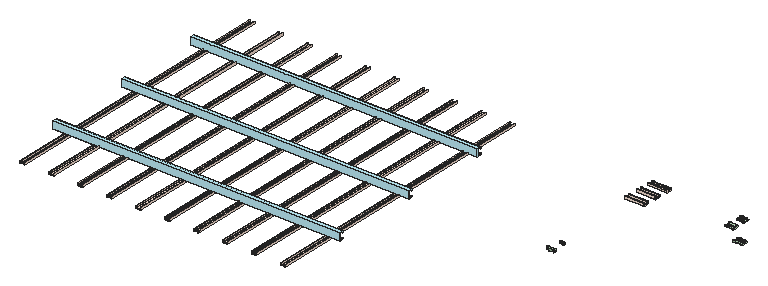
Revit family "soeru_c75", category 機械設備, Revit 2022
Family settings
  丸型コネクタ寸法 = 直径を使用
  種別 = なし
  パーツ タイプ = 標準
  作業面ベース = いいえ
  常に垂直 = はい
  ロード時にボイドで切り取り = いいえ
  注釈の向きを維持 = いいえ
  共有 = いいえ
  部屋計算ポイント = いいえ
Parameters
  製造元 = "株式会社桐井製作所"
  既定の高さ = 0 mm
  URL = "https://www.kirii.co.jp/"
  K_名称 = "ソエルWカバー（C75）"
  K_バージョン情報 = "20231221"
Reference planes
  plane 1 "中心(正面/背面)": y = 0
  plane 2: z = 0
  plane 3 "中心(左/右)": x = 0
  plane 4: z = 19
Lines and regions (mm)
  model lines
    curve 1: line (3467.807, 3284.555, 0) -> (5717.807, 3284.555, 0)
    curve 2: line (5717.807, 2254.555, 0) -> (3467.807, 2254.555, 0)
    curve 3: line (3467.807, 3284.555, 0) -> (3467.807, 2254.555, 0)
    curve 4: line (3467.807, 2054.555, 0) -> (5217.807, 2054.555, 0)
    curve 5: line (5217.807, 1024.555, 0) -> (3467.807, 1024.555, 0)
    curve 6: line (3467.807, 2054.555, 0) -> (3467.807, 1024.555, 0)
    curve 7: line (5217.807, 2054.555, 0) -> (5217.807, 1024.555, 0)
    curve 8: line (5717.807, 3284.555, 0) -> (5717.807, 2254.555, 0)
    curve 9: line (5417.807, 2054.555, 0) -> (7167.807, 2054.555, 0)
    curve 10: line (7167.807, 1024.555, 0) -> (5417.807, 1024.555, 0)
    curve 11: line (5417.807, 2054.555, 0) -> (5417.807, 1024.555, 0)
    curve 12: line (7167.807, 2054.555, 0) -> (7167.807, 1024.555, 0)
Text (mm)
  text "ソエルWカバー(支持構造部:C75×45×15×2.3）" at (-488.376, 3567.466, 0), in view "{3D}"
  text "野縁および使用するジョイント" at (3607.293, 3147.828, 0), in view "{3D}"
  text "クリップ補強" at (3607.293, 1917.828, 0), in view "{3D}"
  text "・特殊15ｍｍクリップ" at (3707.619, 1735.328, 0), in view "{3D}"
  text "※「KIRII軽量下地材構造検討書集（ソエルWカバー）」の計算結果を参照し、天井仕様に反映下さい。" at (-488.376, 3427.466, 0), in view "{3D}"
  text "・ソエルWカバー" at (3707.619, 1584.078, 0), in view "{3D}"
  text "セルフドリリングビス" at (5557.293, 1917.828, 0), in view "{3D}"
  text "・KIRII耐震ビス\n（4.2×16)" at (5657.619, 1735.328, 0), in view "{3D}"
  text "・KIRI耐震ビス\n（4.8×25)" at (5657.619, 1370.328, 0), in view "{3D}"
  text "隣り合うジョイント位置は1ｍ以上離して千鳥状に配置する。" at (3707.619, 2345.395, -6.85), in view "{3D}"
  text "・CW-25" at (3707.619, 2804.31, -6.85), in view "{3D}"
  text "・CW-19" at (3707.619, 2954.31, -6.85), in view "{3D}"
  text "・25型Wバー（0.8）" at (3707.619, 2653.06, -6.85), in view "{3D}"
  text "+CW-25用ジョイント" at (4627.619, 2804.31, -6.85), in view "{3D}"
  text "+CW-19用ジョイント" at (4627.619, 2954.31, -6.85), in view "{3D}"
  text "+25型Wバー（0.8）ジョイント" at (4627.619, 2653.06, -6.85), in view "{3D}"
  text "ジョイント等の施工規定については、施工要領書をご確認下さい。\n●URL：ソエルWカバー\nhttps://www.kirii.co.jp/download/dw/sekou/sekou_soeru.pdf" at (5856.265, -594.786, -2970.01), in view "{3D}"
Dimensions and locks
  aligned and locked: level to plane 2
Nested families
  nested 1: "ソエルWカバー" at (25, 2427.754, 1.25) x (-1, 0, 0) z (0, 0, 1), type "ソエルWカバー"
  nested 2: "ソエルWカバー" at (328, 2427.754, 1.25) x (-1, 0, 0) z (0, 0, 1), type "ソエルWカバー"
  nested 3: "ソエルWカバー" at (631, 2427.754, 1.25) x (-1, 0, 0) z (0, 0, 1), type "ソエルWカバー"
  nested 4: "ソエルWカバー" at (934, 2427.754, 1.25) x (-1, 0, 0) z (0, 0, 1), type "ソエルWカバー"
  nested 5: "ソエルWカバー" at (1237, 2427.754, 1.25) x (-1, 0, 0) z (0, 0, 1), type "ソエルWカバー"
  nested 6: "ソエルWカバー" at (1540, 2427.754, 1.25) x (-1, 0, 0) z (0, 0, 1), type "ソエルWカバー"
  nested 7: "ソエルWカバー" at (1843, 2427.754, 1.25) x (-1, 0, 0) z (0, 0, 1), type "ソエルWカバー"
  nested 8: "ソエルWカバー" at (2146, 2427.754, 1.25) x (-1, 0, 0) z (0, 0, 1), type "ソエルWカバー"
  nested 9: "ソエルWカバー" at (2449, 2427.754, 1.25) x (-1, 0, 0) z (0, 0, 1), type "ソエルWカバー"
  nested 10: "ソエルWカバー" at (2752, 2427.754, 1.25) x (-1, 0, 0) z (0, 0, 1), type "ソエルWカバー"
  nested 11: "ソエルWカバー" at (25, 1527.754, 1.25) x (-1, 0, 0) z (0, 0, 1), type "ソエルWカバー"
  nested 12: "ソエルWカバー" at (328, 1527.754, 1.25) x (-1, 0, 0) z (0, 0, 1), type "ソエルWカバー"
  nested 13: "ソエルWカバー" at (631, 1527.754, 1.25) x (-1, 0, 0) z (0, 0, 1), type "ソエルWカバー"
  nested 14: "ソエルWカバー" at (934, 1527.754, 1.25) x (-1, 0, 0) z (0, 0, 1), type "ソエルWカバー"
  nested 15: "ソエルWカバー" at (1237, 1527.754, 1.25) x (-1, 0, 0) z (0, 0, 1), type "ソエルWカバー"
  nested 16: "ソエルWカバー" at (1540, 1527.754, 1.25) x (-1, 0, 0) z (0, 0, 1), type "ソエルWカバー"
  nested 17: "ソエルWカバー" at (1843, 1527.754, 1.25) x (-1, 0, 0) z (0, 0, 1), type "ソエルWカバー"
  nested 18: "ソエルWカバー" at (2146, 1527.754, 1.25) x (-1, 0, 0) z (0, 0, 1), type "ソエルWカバー"
  nested 19: "ソエルWカバー" at (2449, 1527.754, 1.25) x (-1, 0, 0) z (0, 0, 1), type "ソエルWカバー"
  nested 20: "ソエルWカバー" at (2752, 1527.754, 1.25) x (-1, 0, 0) z (0, 0, 1), type "ソエルWカバー"
  nested 21: "ソエルWカバー" at (25, 628.254, 1.25) x (-1, 0, 0) z (0, 0, 1), type "ソエルWカバー"
  nested 22: "ソエルWカバー" at (328, 628.254, 1.25) x (-1, 0, 0) z (0, 0, 1), type "ソエルWカバー"
  nested 23: "ソエルWカバー" at (631, 628.254, 1.25) x (-1, 0, 0) z (0, 0, 1), type "ソエルWカバー"
  nested 24: "ソエルWカバー" at (934, 628.254, 1.25) x (-1, 0, 0) z (0, 0, 1), type "ソエルWカバー"
  nested 25: "ソエルWカバー" at (1237, 628.254, 1.25) x (-1, 0, 0) z (0, 0, 1), type "ソエルWカバー"
  nested 26: "ソエルWカバー" at (1540, 628.254, 1.25) x (-1, 0, 0) z (0, 0, 1), type "ソエルWカバー"
  nested 27: "ソエルWカバー" at (1843, 628.254, 1.25) x (-1, 0, 0) z (0, 0, 1), type "ソエルWカバー"
  nested 28: "ソエルWカバー" at (2146, 628.254, 1.25) x (-1, 0, 0) z (0, 0, 1), type "ソエルWカバー"
  nested 29: "ソエルWカバー" at (2449, 628.254, 1.25) x (-1, 0, 0) z (0, 0, 1), type "ソエルWカバー"
  nested 30: "ソエルWカバー" at (2752, 628.254, 1.25) x (-1, 0, 0) z (0, 0, 1), type "ソエルWカバー"
  nested 31: "ソエルWカバー" at (4323.345, 1542.909, 1.25) x (-1, 0, 0) z (0, 0, 1), type "ソエルWカバー"
  nested 32: "CW-19用ジョイント" at (5227.658, 2913.211, 0), type "CW-19用ジョイント"
    with K_JIS外 no, K_JIS yes
  nested 33: "CW-25用ジョイント" at (5228.587, 2764.406, 0), type "CW-25用ジョイント"
    with K_JIS外 no, K_JIS yes
  nested 34: "CW-19" at (2752, 0, -19) x (0, 1, 0) z (0, 0, 1), type "CW-19"
    with K_長さ(mm) 3000 mm, K_JIS外 no, K_JIS yes
  nested 35: "CW-19" at (2449, 0, -19) x (0, 1, 0) z (0, 0, 1), type "CW-19"
    with K_長さ(mm) 3000 mm, K_JIS外 no, K_JIS yes
  nested 36: "CW-19" at (2146, 0, -19) x (0, 1, 0) z (0, 0, 1), type "CW-19"
    with K_長さ(mm) 3000 mm, K_JIS外 no, K_JIS yes
  nested 37: "CW-19" at (1843, 0, -19) x (0, 1, 0) z (0, 0, 1), type "CW-19"
    with K_長さ(mm) 3000 mm, K_JIS外 no, K_JIS yes
  nested 38: "CW-19" at (1540, 0, -19) x (0, 1, 0) z (0, 0, 1), type "CW-19"
    with K_長さ(mm) 3000 mm, K_JIS外 no, K_JIS yes
  nested 39: "CW-19" at (1237, 0, -19) x (0, 1, 0) z (0, 0, 1), type "CW-19"
    with K_長さ(mm) 3000 mm, K_JIS外 no, K_JIS yes
  nested 40: "CW-19" at (934, 0, -19) x (0, 1, 0) z (0, 0, 1), type "CW-19"
    with K_長さ(mm) 3000 mm, K_JIS外 no, K_JIS yes
  nested 41: "CW-19" at (631, 0, -19) x (0, 1, 0) z (0, 0, 1), type "CW-19"
    with K_長さ(mm) 3000 mm, K_JIS外 no, K_JIS yes
  nested 42: "CW-19" at (328, 0, -19) x (0, 1, 0) z (0, 0, 1), type "CW-19"
    with K_長さ(mm) 3000 mm, K_JIS外 no, K_JIS yes
  nested 43: "CW-19" at (25, 0, -19) x (0, 1, 0) z (0, 0, 1), type "CW-19"
    with K_長さ(mm) 3000 mm, K_JIS外 no, K_JIS yes
  nested 44: "CW-19" at (4262.587, 2912.277, 0), type "CW-19"
    with K_長さ(mm) 200 mm, K_JIS外 no, K_JIS yes
  nested 45: "CW-25" at (4262.587, 2764.406, 0), type "CW-25"
    with K_長さ(mm) 200 mm, K_JIS外 no, K_JIS yes
  nested 46: "25形Wバー(0.8)" at (4257.807, 2614.555, 0), type "25形Wバー(0.8)"
    with K_長さ(mm) 200 mm
  nested 47: "25形Wバー(0.8）ジョイント" at (5437.807, 2609.555, 0), type "25形Wバー(0.8）ジョイント"
  nested 48: "特殊15mmWクリップ" at (25, 2425.462, -8) x (-1, 0, 0) z (0, 0, 1), type "特殊15mmWクリップ"
  nested 49: "(JIS)75×45×15×2.3" at (-121, 2379.75, 0) x (0, 1, 0) z (1, 0, 0), type "(JIS)75×45×15×2.3"
    with K_長さ(mm) 3000 mm
  nested 50: "(JIS)75×45×15×2.3" at (-121, 1479.75, 0) x (0, 1, 0) z (1, 0, 0), type "(JIS)75×45×15×2.3"
    with K_長さ(mm) 3000 mm
  nested 51: "(JIS)75×45×15×2.3" at (-121, 580.25, 0) x (0, 1, 0) z (1, 0, 0), type "(JIS)75×45×15×2.3"
    with K_長さ(mm) 3000 mm
  nested 52: "特殊15mmWクリップ" at (328, 2425.462, -8) x (-1, 0, 0) z (0, 0, 1), type "特殊15mmWクリップ"
  nested 53: "特殊15mmWクリップ" at (328, 2425.462, -8) x (-1, 0, 0) z (0, 0, 1), type "特殊15mmWクリップ"
  nested 54: "特殊15mmWクリップ" at (631, 2425.462, -8) x (-1, 0, 0) z (0, 0, 1), type "特殊15mmWクリップ"
  nested 55: "特殊15mmWクリップ" at (934, 2425.462, -8) x (-1, 0, 0) z (0, 0, 1), type "特殊15mmWクリップ"
  nested 56: "特殊15mmWクリップ" at (1237, 2425.462, -8) x (-1, 0, 0) z (0, 0, 1), type "特殊15mmWクリップ"
  nested 57: "特殊15mmWクリップ" at (1540, 2425.462, -8) x (-1, 0, 0) z (0, 0, 1), type "特殊15mmWクリップ"
  nested 58: "特殊15mmWクリップ" at (1843, 2425.462, -8) x (-1, 0, 0) z (0, 0, 1), type "特殊15mmWクリップ"
  nested 59: "特殊15mmWクリップ" at (2146, 2425.462, -8) x (-1, 0, 0) z (0, 0, 1), type "特殊15mmWクリップ"
  nested 60: "特殊15mmWクリップ" at (2449, 2425.462, -8) x (-1, 0, 0) z (0, 0, 1), type "特殊15mmWクリップ"
  nested 61: "特殊15mmWクリップ" at (2752, 2425.462, -8) x (-1, 0, 0) z (0, 0, 1), type "特殊15mmWクリップ"
  nested 62: "特殊15mmWクリップ" at (25, 1525.462, -8) x (-1, 0, 0) z (0, 0, 1), type "特殊15mmWクリップ"
  nested 63: "特殊15mmWクリップ" at (328, 1525.462, -8) x (-1, 0, 0) z (0, 0, 1), type "特殊15mmWクリップ"
  nested 64: "特殊15mmWクリップ" at (328, 1525.462, -8) x (-1, 0, 0) z (0, 0, 1), type "特殊15mmWクリップ"
  nested 65: "特殊15mmWクリップ" at (631, 1525.462, -8) x (-1, 0, 0) z (0, 0, 1), type "特殊15mmWクリップ"
  nested 66: "特殊15mmWクリップ" at (934, 1525.462, -8) x (-1, 0, 0) z (0, 0, 1), type "特殊15mmWクリップ"
  nested 67: "特殊15mmWクリップ" at (1237, 1525.462, -8) x (-1, 0, 0) z (0, 0, 1), type "特殊15mmWクリップ"
  nested 68: "特殊15mmWクリップ" at (1540, 1525.462, -8) x (-1, 0, 0) z (0, 0, 1), type "特殊15mmWクリップ"
  nested 69: "特殊15mmWクリップ" at (1843, 1525.462, -8) x (-1, 0, 0) z (0, 0, 1), type "特殊15mmWクリップ"
  nested 70: "特殊15mmWクリップ" at (2146, 1525.462, -8) x (-1, 0, 0) z (0, 0, 1), type "特殊15mmWクリップ"
  nested 71: "特殊15mmWクリップ" at (2449, 1525.462, -8) x (-1, 0, 0) z (0, 0, 1), type "特殊15mmWクリップ"
  nested 72: "特殊15mmWクリップ" at (2752, 1525.462, -8) x (-1, 0, 0) z (0, 0, 1), type "特殊15mmWクリップ"
  nested 73: "特殊15mmWクリップ" at (25, 625.962, -8) x (-1, 0, 0) z (0, 0, 1), type "特殊15mmWクリップ"
  nested 74: "特殊15mmWクリップ" at (328, 625.962, -8) x (-1, 0, 0) z (0, 0, 1), type "特殊15mmWクリップ"
  nested 75: "特殊15mmWクリップ" at (328, 625.962, -8) x (-1, 0, 0) z (0, 0, 1), type "特殊15mmWクリップ"
  nested 76: "特殊15mmWクリップ" at (631, 625.962, -8) x (-1, 0, 0) z (0, 0, 1), type "特殊15mmWクリップ"
  nested 77: "特殊15mmWクリップ" at (934, 625.962, -8) x (-1, 0, 0) z (0, 0, 1), type "特殊15mmWクリップ"
  nested 78: "特殊15mmWクリップ" at (1237, 625.962, -8) x (-1, 0, 0) z (0, 0, 1), type "特殊15mmWクリップ"
  nested 79: "特殊15mmWクリップ" at (1540, 625.962, -8) x (-1, 0, 0) z (0, 0, 1), type "特殊15mmWクリップ"
  nested 80: "特殊15mmWクリップ" at (1843, 625.962, -8) x (-1, 0, 0) z (0, 0, 1), type "特殊15mmWクリップ"
  nested 81: "特殊15mmWクリップ" at (2146, 625.962, -8) x (-1, 0, 0) z (0, 0, 1), type "特殊15mmWクリップ"
  nested 82: "特殊15mmWクリップ" at (2449, 625.962, -8) x (-1, 0, 0) z (0, 0, 1), type "特殊15mmWクリップ"
  nested 83: "特殊15mmWクリップ" at (2752, 625.962, -8) x (-1, 0, 0) z (0, 0, 1), type "特殊15mmWクリップ"
  nested 84: "特殊15mmWクリップ" at (4319.912, 1694.333, -8) x (-1, 0, 0) z (0, 0, 1), type "特殊15mmWクリップ"
Definition of nested family "ソエルWカバー"
  Parameters (values of type "ソエルWカバー")
    Manufacturer = "株式会社桐井製作所"
    Default Elevation = 0 mm
    URL = "https://www.kirii.co.jp/"
    K_許容荷重(鉛直)(N) = 660
    K_許容荷重(水平)(N) = 250
    K_板厚(mm) = 1.2 mm
    K_材質 = "SGCC"
    K_品名 = "ソエルWカバー"
    K_名称 = "野縁直付天井用クリップ補強金具"
    K_入数 = "100"
    K_バージョン情報 = "20211216"
    K_めっき付着量 = "Z12"
    K_JIS規格 = "JIS G 3302"
  Reference planes
    plane 1 "中心(正面/背面)": y = 0
    plane 2: z = 0
    plane 3 "中心(左/右)": x = 0
  Forms (mm)
    Extrusion 1, solid
      sketch origin (0, -8.287, 0) x (1, 0, 0) y (0, 0, 1)
        loop
          arc (-23.8, 0) -> (-25.497, -0.703) -> (-26.2, -2.4) r 2.4
          line (-26.2, -2.4) -> (-26.2, -16.2) -> (-25, -16.2) -> (-25, -2.4)
          arc (-25, -2.4) -> (-24.649, -1.551) -> (-23.8, -1.2) r 1.2
          line (-23.8, -1.2) -> (23.8, -1.2)
          arc (23.8, -1.2) -> (24.649, -1.551) -> (25, -2.4) r 1.2
          line (25, -2.4) -> (25, -16.2) -> (26.2, -16.2) -> (26.2, -2.4)
          arc (26.2, -2.4) -> (25.497, -0.703) -> (23.8, 0) r 2.4
          line (23.8, 0) -> (-23.8, 0)
      from -7.087 to 12.913
    Extrusion 2, void
      sketch origin (0, -1.2, 0) x (0, 1, 0) y (0, 0, 1)
        loop
          line (-5, -16.2) -> (0, -16.2) -> (0, -6.2) -> (-5, -16.2)
      from -26.2 to 26.2
    Extrusion 3, solid
      sketch origin (0, -1.2, 0) x (1, 0, 0) y (0, 0, 1)
        loop
          line (45, 28.8) -> (-45, 28.8) -> (-45, 21.8) -> (-22.801, 21.8) -> (-32.5, 5) -> (-32.5, 0) -> (32.5, 0) -> (32.5, 5) -> (22.801, 21.8) -> (45, 21.8) -> (45, 28.8)
      from -2.4 to -1.2
    Extrusion 4, solid
      sketch origin (0, -1.2, 0) x (0, 1, 0) y (0, 0, 1)
        loop
          line (-20, -1.2) -> (1.2, -1.2)
          arc (1.2, -1.2) -> (2.049, -0.849) -> (2.4, 0) r 1.2
          line (2.4, 0) -> (-20, 0) -> (-20, -1.2)
      from -23.8 to 23.807
    Extrusion 5, void
      sketch origin (0, -1.2, 0) x (0, 1, 0) y (0, 0, 1)
        loop
          circle (-10, -8.7) r 2.25
      from 25 to 26.2
    Extrusion 6, void
      sketch origin (0, -1.2, 0) x (0, 1, 0) y (0, 0, 1)
        loop
          circle (-10, -8.7) r 2.25
      from -26.2 to -25
    Extrusion 7, void
      sketch origin (0, -1.2, 0) x (1, 0, 0) y (0, 0, 1)
        loop
          circle (-18, 4) r 1
        loop
          circle (18, 4) r 1
        loop
          circle (0, 8.8) r 2.25
      from -2.4 to -1.2
    Extrusion 8, solid
      sketch origin (0, 0, 0) x (0, 1, 0) y (0, 0, 1)
        loop
          line (6.9, 1.8) -> (6.9, 19.792)
          arc (6.9, 19.792) -> (6.619, 20.564) -> (5.907, 20.974) r 1.2
          line (5.907, 20.974) -> (1.2, 21.8) -> (0, 21.8)
          arc (0, 21.8) -> (0.281, 21.028) -> (0.993, 20.618) r 1.2
          line (0.993, 20.618) -> (5.7, 19.792) -> (5.7, 1.8) -> (6.9, 1.8)
      from -45 to 45
    Extrusion 9, void
      sketch origin (0, 0, 0) x (1, 0, 0) y (0, 0, 1)
        loop
          line (-40, 1.8) -> (40, 1.8) -> (28.453, 21.8) -> (-28.453, 21.8) -> (-40, 1.8)
      from -6.9 to -1.2
    Extrusion 10, void
      sketch origin (0, 0, 0) x (1, 0, 0) y (0, 0, 1)
        loop
          circle (-29.497, 3) r 1.597
        loop
          circle (29.497, 3) r 1.603
      from -0.649 to 0
  Cuts and joins
    Extrusion 2, Extrusion 5, Extrusion 6 cuts Extrusion 1
    Extrusion 7, Extrusion 9, Extrusion 10 cuts Extrusion 3
    Extrusion 10 cuts Extrusion 4
    Extrusion 9, Extrusion 10 cuts Extrusion 8
    joined: Extrusion 3, Extrusion 4, Extrusion 8
  Dimensions and locks
    aligned and locked: level to plane 2
    aligned and locked: plane 1 "中心(正面/背面)" to Extrusion 10
Definition of nested family "CW-19用ジョイント"
  Parameters (values of type "CW-19用ジョイント")
    Manufacturer = "株式会社桐井製作所"
    Default Elevation = 0 mm
    URL = "https://www.kirii.co.jp/"
    K_材質 = "SGCC　一般用"
    K_品名 = "CW-19用ジョイント"
    K_名称 = "野縁ジョイント"
    K_単位質量(kg/個) = 0.029
    K_入数 = "200"
    K_バージョン情報 = "20210524"
    K_めっき付着量 = "Z12"
    K_JIS規格 = "JIS G 3302"
    K_JIS外 [instance] = not(K_JIS)  # no
    K_JIS [instance] = yes
  Reference planes
    plane 1 "中心(正面/背面)": y = 0
    plane 2: z = 0
    plane 3 "中心(左/右)": x = 0
  Forms (mm)
    Extrusion 1, solid
      sketch origin (0, 0, 0) x (0, 1, 0) y (0, 0, 1)
        loop
          line (20.385, 4.53) -> (-20.385, 4.53) -> (-21.352, 1.547)
          arc (-21.352, 1.547) -> (-22.967, 0.546) -> (-24.22, 1.976) r 1.47
          line (-24.22, 1.976) -> (-24.459, 16.547) -> (-25, 17.191) -> (-24.75, 1.967)
          arc (-24.75, 1.967) -> (-23.046, 0.022) -> (-20.847, 1.384) r 2
          line (-20.847, 1.384) -> (-20, 4) -> (20, 4) -> (20.847, 1.384)
          arc (20.847, 1.384) -> (23.046, 0.022) -> (24.75, 1.967) r 2
          line (24.75, 1.967) -> (25, 17.191) -> (24.459, 16.547) -> (24.22, 1.976)
          arc (24.22, 1.976) -> (22.967, 0.546) -> (21.352, 1.547) r 1.47
          line (21.352, 1.547) -> (20.385, 4.53)
      from -42.5 to 42.5
    Extrusion 2, solid
      sketch origin (0, -13.587, -0.882) x (0, 0.997137, -0.075613) y (0, 0.075613, 0.997137)
        loop
          arc (-12.378, 13.168) -> (-15.089, 9.905) -> (-11.826, 7.194) r 3
          line (-11.826, 7.194) -> (-12.378, 13.168)
      from -0.5 to 0
    Extrusion 3, void
      sketch origin (0, -13.071, 0.1) x (1, 0, 0) y (0, -0.008054, 0.999968)
        loop
          arc (0, 7.2) -> (3, 10.2) -> (0, 13.2) r 3
          line (0, 13.2) -> (0, 7.2)
      from 11 to 12
    Extrusion 4, void
      sketch origin (0, 0, 0) x (1, 0, 0) y (0, 0, 1)
        loop
          line (31.511, 17.191) -> (41.4, 9.1)
          arc (41.4, 9.1) -> (42.211, 8.063) -> (42.5, 6.778) r 3
          line (42.5, 6.778) -> (42.5, 17.191) -> (31.511, 17.191)
        loop
          line (-42.5, 17.191) -> (-42.5, 6.778)
          arc (-42.5, 6.778) -> (-42.211, 8.063) -> (-41.4, 9.1) r 3
          line (-41.4, 9.1) -> (-31.511, 17.191) -> (-42.5, 17.191)
      from -26 to 26
  Cuts and joins
    Extrusion 3, Extrusion 4 cuts Extrusion 1
    joined: Extrusion 1, Extrusion 2
  Dimensions and locks
    aligned and locked: level to plane 2
Definition of nested family "CW-25用ジョイント"
  Parameters (values of type "CW-25用ジョイント")
    Manufacturer = "株式会社桐井製作所"
    Default Elevation = 0 mm
    URL = "https://www.kirii.co.jp/"
    K_材質 = "SGCC　一般用"
    K_品名 = "CW-25用ジョイント"
    K_名称 = "野縁ジョイント"
    K_単位質量(kg/個) = 0.037
    K_入数 = "160"
    K_バージョン情報 = "20210524"
    K_めっき付着量 = "Z12"
    K_JIS規格 = "JIS G 3302"
    K_JIS外 [instance] = not(K_JIS)  # no
    K_JIS [instance] = yes
  Reference planes
    plane 1 "中心(正面/背面)": y = 0
    plane 2: z = 0
    plane 3 "中心(左/右)": x = 0
  Forms (mm)
    Extrusion 1, solid
      sketch origin (0, 0, 0.154) x (0, 1, 0) y (0, 0, 1)
        loop
          line (-17.76, 3.009) -> (0, 3.009) -> (17.76, 3.009)
          arc (17.76, 3.009) -> (21.125, 0.011) -> (24.25, 3.259) r 3.25
          line (24.25, 3.259) -> (26, 22.64) -> (25.448, 22.088) -> (23.702, 2.745)
          arc (23.702, 2.745) -> (20.955, 0.509) -> (18.283, 2.833) r 2.75
          arc (18.283, 2.833) -> (18.013, 3.317) -> (17.493, 3.509) r 0.8
          line (17.493, 3.509) -> (0, 3.509) -> (-17.493, 3.509)
          arc (-17.493, 3.509) -> (-18.013, 3.317) -> (-18.283, 2.833) r 0.8
          arc (-18.283, 2.833) -> (-20.955, 0.509) -> (-23.702, 2.745) r 2.75
          line (-23.702, 2.745) -> (-25.449, 22.093) -> (-26.001, 22.645) -> (-24.25, 3.259)
          arc (-24.25, 3.259) -> (-21.125, 0.011) -> (-17.76, 3.009) r 3.25
      from -46 to 46
    Extrusion 2, solid
      sketch origin (0.25, -13.587, -0.748) x (0, 0.997137, -0.075613) y (0, 0.075613, 0.997137)
        loop
          arc (-13.166, 16.596) -> (-15.63, 13.142) -> (-12.176, 10.678) r 3
          line (-12.176, 10.678) -> (-13.166, 16.596)
      from -0.5 to 0
    Extrusion 3, void
      sketch origin (-0.27, -13.382, 23.939) x (-1, 0, 0) y (0, -0.008054, -0.999968)
        loop
          arc (-0.02, 7.239) -> (2.974, 10.239) -> (-0.02, 13.239) r 3
          line (-0.02, 13.239) -> (-0.02, 7.239)
      from 10.527 to 12.242
    Extrusion 4, void
      sketch origin (0, 0, 0) x (1, 0, 0) y (0, 0, 1)
        loop
          arc (44.462, 18.434) -> (45.58, 17.513) -> (46, 16.126) r 2.5
          line (46, 16.126) -> (46, 22.793) -> (33, 22.793)
          arc (33, 22.793) -> (33.981, 22.696) -> (34.923, 22.408) r 5
          line (34.923, 22.408) -> (44.462, 18.434)
        loop
          arc (-34.923, 22.408) -> (-33.981, 22.696) -> (-33, 22.793) r 5
          line (-33, 22.793) -> (-46, 22.793) -> (-46, 16.126)
          arc (-46, 16.126) -> (-45.58, 17.513) -> (-44.462, 18.434) r 2.5
          line (-44.462, 18.434) -> (-34.923, 22.408)
      from -26.529 to 26.374
  Cuts and joins
    Extrusion 3, Extrusion 4 cuts Extrusion 1
    joined: Extrusion 1, Extrusion 2
  Dimensions and locks
    aligned and locked: level to plane 2
Definition of nested family "CW-19"
  Parameters (values of type "CW-19")
    Manufacturer = "株式会社桐井製作所"
    Default Elevation = 0 mm
    URL = "https://www.kirii.co.jp/"
    K_長さ(mm) [instance] = 1000 mm
    K_材質 = "SGCC　一般用"
    K_断面積A(mm2) = 49
    K_断面係数Zy(mm3) = 768.8
    K_断面係数Zx(mm3) = 184.8
    K_断面2次半径iy(mm) = 19.8
    K_断面2次半径ix(mm) = 7
    K_断面2次モーメントIy(mm4) = 19220
    K_断面2次モーメントIx(mm4) = 2395
    K_外形寸法(mm) = "19×50×0.5"
    K_品名 = "CW-19"
    K_名称 = "野縁"
    K_単位質量(kg/m) = 0.403
    K_ヤング係数E(N/mm2) = 205000
    K_バージョン情報 = "20210524"
    K_めっき付着量 = "Z12"
    K_JIS規格 = "JIS G 3302"
    K_JIS外 [instance] = not(K_JIS)  # no
    K_JIS [instance] = yes
  Reference planes
    plane 1 "中心(正面/背面)": y = 0
    plane 2: z = 0
    plane 3 "中心(左/右)": x = 0
    plane 4: x = 1000
    plane 5: y = 25
    plane 6: y = -25
    plane 7: z = 19
  Forms (mm)
    Extrusion 1, solid
      sketch origin (0, 0, 0) x (0, -1, 0) y (0, 0, 1)
        loop
          line (-25, 0) -> (-20.2, 0) -> (-19.052, 0.5) -> (-11.148, 0.5) -> (-10, 0) -> (10, 0) -> (11.148, 0.5) -> (19.052, 0.5) -> (20.2, 0) -> (25, 0) -> (25, 19) -> (21, 19) -> (21, 16.246) -> (21.5, 15.532) -> (21.5, 18.5) -> (24.5, 18.5) -> (24.5, 0.5) -> (20.304, 0.5) -> (19.156, 1) -> (11.044, 1) -> (9.896, 0.5) -> (-9.896, 0.5) -> (-11.044, 1) -> (-19.156, 1) -> (-20.304, 0.5) -> (-24.5, 0.5) -> (-24.5, 18.5) -> (-21.5, 18.5) -> (-21.5, 15.532) -> (-21, 16.246) -> (-21, 19) -> (-25, 19) -> (-25, 0)
      from 0 to -1000
    Extrusion 2, void
      sketch origin (0, 0, 0) x (0, 1, 0) y (0, 0, 1)
        loop
          line (-21.893, 16.282) -> (-21.893, 14.539) -> (22.033, 14.539) -> (22.033, 16.282) -> (-21.893, 16.282)
      from 0 to 1000
  Cuts and joins
    Extrusion 2 cuts Extrusion 1
  Dimensions and locks
    "K_長さ(mm)": plane 3 "中心(左/右)" to plane 4
    aligned and locked: level to plane 2
    aligned and locked: plane 4 to Extrusion 1
    aligned and locked: Extrusion 1 to Extrusion 2
    aligned and locked: Extrusion 2 to plane 3 "中心(左/右)"
  Automatic sketch dimensions
    plane 6 to Extrusion 2 sketch curve = 3.107 mm
    Extrusion 2 sketch curve to plane 5 = 2.967 mm
    Extrusion 2 sketch curve to Extrusion 2 sketch curve = 1.744 mm
    Extrusion 2 sketch curve to plane 7 = 4.461 mm
    Extrusion 1 sketch curve to level = 0 mm  (x3)
    Extrusion 1 sketch curve to plane 5 = 0 mm
    Extrusion 1 sketch curve to plane 6 = 0 mm
    Extrusion 1 sketch curve to plane 5 = 0.5 mm
    Extrusion 1 sketch curve to plane 5 = 3.5 mm
    Extrusion 1 sketch curve to Extrusion 1 sketch curve = 0.5 mm  (x2)
    level to Extrusion 1 sketch curve = 0.5 mm  (x5)
    Extrusion 1 sketch curve to Extrusion 1 sketch curve = 4.196 mm
    Extrusion 1 sketch curve to Extrusion 1 sketch curve = 0.104 mm  (x8)
    level to Extrusion 1 sketch curve = 1 mm  (x2)
    Extrusion 1 sketch curve to Extrusion 1 sketch curve = 1.148 mm  (x4)
    Extrusion 1 sketch curve to Extrusion 1 sketch curve = 7.903 mm
    plane 1 "中心(正面/背面)" to Extrusion 1 sketch curve = 9.896 mm
    plane 6 to Extrusion 1 sketch curve = 5.948 mm
    plane 6 to Extrusion 1 sketch curve = 4 mm
    plane 6 to Extrusion 1 sketch curve = 0.5 mm
    Extrusion 1 sketch curve to plane 7 = 3.468 mm  (x2)
    Extrusion 1 sketch curve to Extrusion 1 sketch curve = 0.714 mm  (x2)
    Extrusion 1 sketch curve to plane 7 = 0.5 mm  (x2)
    Extrusion 1 sketch curve to plane 7 = 0 mm  (x2)
Definition of nested family "CW-25"
  Parameters (values of type "CW-25")
    Manufacturer = "株式会社桐井製作所"
    Default Elevation = 0 mm
    URL = "https://www.kirii.co.jp/"
    K_長さ(mm) [instance] = 1000 mm
    K_材質 = "SGCC　一般用"
    K_断面積A(mm2) = 55
    K_断面係数Zy(mm3) = 921.6
    K_断面係数Zx(mm3) = 276.5
    K_断面2次半径iy(mm) = 20.5
    K_断面2次半径ix(mm) = 9.1
    K_断面2次モーメントIy(mm4) = 23040
    K_断面2次モーメントIx(mm4) = 4578
    K_外形寸法(mm) = "25×50×0.5"
    K_品名 = "CW-25"
    K_名称 = "野縁"
    K_単位質量(kg/m) = 0.452
    K_ヤング係数E(N/mm2) = 205000
    K_バージョン情報 = "20210524"
    K_めっき付着量 = "Z12"
    K_JIS規格 = "JIS G 3302"
    K_JIS外 [instance] = not(K_JIS)  # no
    K_JIS [instance] = yes
  Reference planes
    plane 1 "中心(正面/背面)": y = 0
    plane 2: z = 0
    plane 3 "中心(左/右)": x = 0
    plane 4: x = 1000
    plane 5: z = 25
    plane 6: y = 25
    plane 7: y = -25
  Forms (mm)
    Extrusion 1, solid
      sketch origin (0, 0, 0) x (0, -1, 0) y (0, 0, 1)
        loop
          line (-25, 0) -> (-20.2, 0) -> (-19.052, 0.5) -> (-11.148, 0.5) -> (-10, 0) -> (10, 0) -> (11.148, 0.5) -> (19.052, 0.5) -> (20.2, 0) -> (25, 0) -> (25, 25) -> (21, 25) -> (21, 22.3) -> (21.5, 21.586) -> (21.5, 24.5) -> (24.5, 24.5) -> (24.5, 0.5) -> (20.304, 0.5) -> (19.156, 1) -> (11.044, 1) -> (9.896, 0.5) -> (-9.896, 0.5) -> (-11.044, 1) -> (-19.156, 1) -> (-20.304, 0.5) -> (-24.5, 0.5) -> (-24.5, 24.5) -> (-21.5, 24.5) -> (-21.5, 21.586) -> (-21, 22.3) -> (-21, 25) -> (-25, 25) -> (-25, 0)
      from 0 to -1000
    Extrusion 2, void
      sketch origin (0, 0, 0) x (0, 1, 0) y (0, 0, 1)
        loop
          line (-21.893, 22.336) -> (-21.893, 20.592) -> (22.033, 20.592) -> (22.033, 22.336) -> (-21.893, 22.336)
      from 0 to 1000
  Cuts and joins
    Extrusion 2 cuts Extrusion 1
  Dimensions and locks
    plane 5 to level = 25 mm
    "K_長さ(mm)": plane 3 "中心(左/右)" to plane 4
    aligned and locked: level to plane 2
    aligned and locked: plane 4 to Extrusion 1
    aligned and locked: Extrusion 1 to Extrusion 2
    aligned and locked: Extrusion 2 to plane 3 "中心(左/右)"
  Automatic sketch dimensions
    Extrusion 1 sketch curve to level = 0 mm  (x3)
    Extrusion 1 sketch curve to plane 6 = 0 mm
    Extrusion 1 sketch curve to plane 5 = 0 mm  (x2)
    Extrusion 1 sketch curve to plane 7 = 0 mm
    Extrusion 1 sketch curve to plane 6 = 0.5 mm
    Extrusion 1 sketch curve to plane 5 = 0.5 mm  (x2)
    Extrusion 1 sketch curve to Extrusion 1 sketch curve = 3 mm
    Extrusion 1 sketch curve to Extrusion 1 sketch curve = 0.5 mm  (x2)
    level to Extrusion 1 sketch curve = 0.5 mm  (x5)
    Extrusion 1 sketch curve to Extrusion 1 sketch curve = 4.196 mm
    Extrusion 1 sketch curve to Extrusion 1 sketch curve = 0.104 mm  (x8)
    level to Extrusion 1 sketch curve = 1 mm  (x2)
    Extrusion 1 sketch curve to Extrusion 1 sketch curve = 1.148 mm  (x4)
    Extrusion 1 sketch curve to Extrusion 1 sketch curve = 7.903 mm
    plane 1 "中心(正面/背面)" to Extrusion 1 sketch curve = 9.896 mm
    plane 7 to Extrusion 1 sketch curve = 5.948 mm
    plane 7 to Extrusion 1 sketch curve = 4 mm
    plane 7 to Extrusion 1 sketch curve = 0.5 mm
    Extrusion 1 sketch curve to plane 5 = 3.414 mm
    Extrusion 1 sketch curve to Extrusion 1 sketch curve = 0.714 mm  (x2)
    Extrusion 1 sketch curve to Extrusion 1 sketch curve = 2.2 mm
    plane 7 to Extrusion 2 sketch curve = 3.107 mm
    Extrusion 2 sketch curve to plane 6 = 2.967 mm
    Extrusion 2 sketch curve to plane 5 = 4.408 mm
    Extrusion 2 sketch curve to Extrusion 2 sketch curve = 1.744 mm
Definition of nested family "25形Wバー(0.8)"
  Parameters (values of type "25形Wバー(0.8)")
    Manufacturer = "株式会社桐井製作所"
    Default Elevation = 0 mm
    URL = "https://www.kirii.co.jp/"
    K_長さ(mm) [instance] = 1000 mm
    K_材質 = "SGCC一般用　SGC340~570高強度一般用"
    K_断面積A(mm2) = 86.4
    K_断面係数Zy(mm3) = 1434
    K_断面係数Zx(mm3) = 410
    K_断面2次半径iy(mm) = 20.4
    K_断面2次半径ix(mm) = 8.9
    K_断面2次モーメントIy(mm4) = 35870
    K_断面2次モーメントIx(mm4) = 6852
    K_外形寸法(mm) = "25×50×0.8"
    K_品名 = "25形Wバー(0.8)"
    K_名称 = "一般野縁"
    K_単位質量(kg/m) = 0.698
    K_ヤング係数E(N/mm2) = 205000
    K_バージョン情報 = "20210714"
    K_めっき付着量 = "Z12"
    K_JIS規格 = "JIS G 3302"
  Reference planes
    plane 1 "中心(正面/背面)": y = 0
    plane 2: z = 0
    plane 3 "中心(左/右)": x = 0
    plane 4: x = 1000
    plane 5: z = 25
    plane 6: y = 25
    plane 7: y = -25
  Forms (mm)
    Extrusion 1, solid
      sketch origin (0, 0, 0) x (0, -1, 0) y (0, 0, 1)
        loop
          line (-25, 0) -> (-20.2, 0) -> (-19.052, 0.5) -> (-11.148, 0.5) -> (-10, 0) -> (10, 0) -> (11.148, 0.5) -> (19.052, 0.5) -> (20.2, 0) -> (25, 0) -> (25, 25) -> (20, 25) -> (20, 22) -> (20.8, 22) -> (20.8, 24.2) -> (24.2, 24.2) -> (24.2, 0.8) -> (20.367, 0.8) -> (19.218, 1.3) -> (10.982, 1.3) -> (9.833, 0.8) -> (-9.833, 0.8) -> (-10.982, 1.3) -> (-19.218, 1.3) -> (-20.367, 0.8) -> (-24.2, 0.8) -> (-24.2, 24.2) -> (-20.8, 24.2) -> (-20.8, 22) -> (-20, 22) -> (-20, 25) -> (-25, 25) -> (-25, 0)
      from 0 to -1000
  Dimensions and locks
    plane 5 to level = 25 mm
    "K_長さ(mm)": plane 3 "中心(左/右)" to plane 4
    aligned and locked: level to plane 2
    aligned and locked: plane 4 to Extrusion 1
  Automatic sketch dimensions
    Extrusion 1 sketch curve to level = 0 mm  (x3)
    Extrusion 1 sketch curve to plane 6 = 0 mm
    Extrusion 1 sketch curve to plane 5 = 0 mm  (x2)
    Extrusion 1 sketch curve to plane 7 = 0 mm
    Extrusion 1 sketch curve to plane 6 = 0.8 mm
    Extrusion 1 sketch curve to plane 5 = 0.8 mm  (x2)
    Extrusion 1 sketch curve to Extrusion 1 sketch curve = 3.4 mm
    Extrusion 1 sketch curve to Extrusion 1 sketch curve = 0.8 mm  (x2)
    Extrusion 1 sketch curve to Extrusion 1 sketch curve = 4 mm
    level to Extrusion 1 sketch curve = 1.3 mm  (x2)
    Extrusion 1 sketch curve to Extrusion 1 sketch curve = 0.982 mm  (x2)
    level to Extrusion 1 sketch curve = 0.5 mm  (x2)
    Extrusion 1 sketch curve to Extrusion 1 sketch curve = 0.167 mm  (x8)
    Extrusion 1 sketch curve to Extrusion 1 sketch curve = 7.903 mm
    Extrusion 1 sketch curve to Extrusion 1 sketch curve = 1.148 mm  (x2)
    plane 1 "中心(正面/背面)" to Extrusion 1 sketch curve = 10 mm
    plane 7 to Extrusion 1 sketch curve = 5.948 mm
    Extrusion 1 sketch curve to Extrusion 1 sketch curve = 5 mm
    plane 7 to Extrusion 1 sketch curve = 0.8 mm
    level to Extrusion 1 sketch curve = 0.8 mm  (x3)
    Extrusion 1 sketch curve to plane 5 = 3 mm
    Extrusion 1 sketch curve to Extrusion 1 sketch curve = 2.2 mm
Definition of nested family "25形Wバー(0.8）ジョイント"
  Parameters (values of type "25形Wバー(0.8）ジョイント")
    Manufacturer = "株式会社桐井製作所"
    Default Elevation = 0 mm
    URL = "https://www.kirii.co.jp/"
    K_品名 = "25型Wバー(0.8)ジョイント"
    K_名称 = "特殊ジョイント"
    K_入数 = "200"
    K_バージョン情報 = "20100714"
  Reference planes
    plane 1 "中心(正面/背面)": y = 0
    plane 2: z = 0
    plane 3 "中心(左/右)": x = 0
  Forms (mm)
    Extrusion 1, solid
      sketch origin (0, 0, 0.237) x (0, 1, 0) y (0, 0, 1)
        loop
          line (-24.995, 22.818) -> (-25.527, 23.41) -> (-24.427, 3.096)
          arc (-24.427, 3.096) -> (-20.737, -0.177) -> (-17.088, 3.142) r 3.691
          line (-17.088, 3.142) -> (-17, 4.825) -> (17, 4.825) -> (17.088, 3.142)
          arc (17.088, 3.142) -> (20.737, -0.177) -> (24.427, 3.096) r 3.691
          line (24.427, 3.096) -> (25.527, 23.41) -> (24.995, 22.818) -> (23.929, 3.138)
          arc (23.929, 3.138) -> (20.739, 0.323) -> (17.587, 3.18) r 3.191
          line (17.587, 3.18) -> (17.524, 4.377)
          arc (17.524, 4.377) -> (17.214, 5.05) -> (16.526, 5.325) r 1
          line (16.526, 5.325) -> (0, 5.325) -> (-16.526, 5.325)
          arc (-16.526, 5.325) -> (-17.214, 5.05) -> (-17.524, 4.377) r 1
          line (-17.524, 4.377) -> (-17.587, 3.18)
          arc (-17.587, 3.18) -> (-20.739, 0.323) -> (-23.929, 3.138) r 3.191
          line (-23.929, 3.138) -> (-24.995, 22.818)
      from -43.5 to 56.5
    Extrusion 2, void
      sketch origin (-0.27, 14.725, 24.794) x (-1, 0, 0) y (0, 0.091008, 0.99585)
        loop
          line (-2.073, -6.857) -> (-6.27, -6.857) -> (-6.27, -13.382) -> (-2.073, -13.382)
          arc (-2.073, -13.382) -> (-1.717, -13.234) -> (-1.57, -12.879) r 0.503
          line (-1.57, -12.879) -> (-1.57, -7.361)
          arc (-1.57, -7.361) -> (-1.717, -7.005) -> (-2.073, -6.857) r 0.504
      from 10.351 to 11.91
    Extrusion 3, void
      sketch origin (0, 0, 0.084) x (1, 0, 0) y (0, 0, 1)
        loop
          line (-43.5, 14.981) -> (-24.84, 23.75) -> (-43.5, 23.75) -> (-43.5, 14.981)
      from 22.635 to 25.948
    Extrusion 4, void
      sketch origin (0, 0, 0.084) x (1, 0, 0) y (0, 0, -1)
        loop
          line (-25.236, -23.563) -> (-43.5, -14.981) -> (-43.5, -23.563) -> (-25.236, -23.563)
      from 22.635 to 25.948
    Extrusion 5, void
      sketch origin (0, 0, 0.084) x (-1, 0, 0) y (0, 0, -1)
        loop
          line (-56.5, -14.981) -> (-56.5, -23.563) -> (-38.174, -23.563) -> (-56.5, -14.981)
      from 22.635 to 25.948
    Extrusion 6, void
      sketch origin (0, 0, 0.084) x (-1, 0, 0) y (0, 0, 1)
        loop
          line (-56.5, 14.981) -> (-38.174, 23.563) -> (-56.5, 23.563) -> (-56.5, 14.981)
      from 22.635 to 25.948
    Extrusion 7, void
      sketch origin (0, 1.237, -1.188) x (0, 0.99863, 0.052336) y (0, -0.052336, 0.99863)
        loop
          line (24.775, 22.953) -> (25.723, 22.904) -> (25.769, 23.778) -> (24.82, 23.827) -> (24.775, 22.953)
      from -26.5 to 39.5
    Extrusion 8, void
      sketch origin (0, -49.251, -1.188) x (0, 0.99863, 0.052336) y (0, -0.052336, 0.99863)
        loop
          line (24.695, 22.954) -> (25.751, 22.898) -> (25.799, 23.821) -> (24.744, 23.876) -> (24.695, 22.954)
      from -30.88 to 39.5
    Extrusion 9, solid
      sketch origin (1.8, 13.601, -0.622) x (0, -0.997137, -0.075613) y (0, 0.075613, -0.997137)
        loop
          line (-12.369, -16.715) -> (-11.527, -10.269) -> (-15.989, -9.687)
          arc (-15.989, -9.687) -> (-16.359, -9.786) -> (-16.55, -10.118) r 0.5
          line (-16.55, -10.118) -> (-17.262, -15.572)
          arc (-17.262, -15.572) -> (-17.162, -15.941) -> (-16.831, -16.132) r 0.5
          line (-16.831, -16.132) -> (-12.369, -16.715)
      from -0.5 to 0
  Cuts and joins
    Extrusion 2, Extrusion 3, Extrusion 4, Extrusion 5, Extrusion 6, Extrusion 7, Extrusion 8 cuts Extrusion 1
  Dimensions and locks
    aligned and locked: level to plane 2
Definition of nested family "特殊15mmWクリップ"
  Parameters (values of type "特殊15mmWクリップ")
    Manufacturer = "株式会社桐井製作所"
    Default Elevation = 0 mm
    URL = "https://www.kirii.co.jp/"
    K_品名 = "特殊15mmWクリップ"
    K_名称 = "特殊クリップ"
    K_入数 = "1000"
    K_バージョン情報 = "20211012"
  Reference planes
    plane 1 "中心(正面/背面)": y = 0
    plane 2: z = 0
    plane 3 "中心(左/右)": x = 0
  Forms (mm)
    Extrusion 1, solid
      sketch origin (0, 30, 0) x (0, 1, 0) y (0, 0, 1)
        loop
          line (-30, 0) -> (-29.4, -0.6) -> (-29.4, 21.75)
          arc (-29.4, 21.75) -> (-29.034, 22.634) -> (-28.15, 23) r 1.25
          line (-28.15, 23) -> (-26.25, 23)
          arc (-26.25, 23) -> (-25.79, 22.81) -> (-25.6, 22.35) r 0.65
          line (-25.6, 22.35) -> (-25.6, 11.15) -> (-25, 11.75) -> (-25, 22.35)
          arc (-25, 22.35) -> (-25.366, 23.234) -> (-26.25, 23.6) r 1.25
          line (-26.25, 23.6) -> (-28.75, 23.6)
          arc (-28.75, 23.6) -> (-29.634, 23.234) -> (-30, 22.35) r 1.25
          line (-30, 22.35) -> (-30, 0)
      from -27.5 to 27.5
    Extrusion 2, void
      sketch origin (0, 0, 0) x (1, 0, 0) y (0, 0, 1)
        loop
          line (17.75, 8.6) -> (17.75, 4)
          arc (17.75, 4) -> (18.491, 3.034) -> (19.616, 3.5) r 1
          line (19.616, 3.5) -> (21.902, 7.406)
          arc (21.902, 7.406) -> (22.798, 8.015) -> (23.75, 7.5) r 1.042
          line (23.75, 7.5) -> (23.75, 3)
          arc (23.75, 3) -> (22.871, 0.879) -> (20.75, 0) r 3
          line (20.75, 0) -> (27.5, 0) -> (27.5, 17.6) -> (17.75, 8.6)
        loop
          line (-17.75, 8.6) -> (-27.5, 17.6) -> (-27.5, 0) -> (-20.75, 0)
          arc (-20.75, 0) -> (-22.871, 0.879) -> (-23.75, 3) r 3
          line (-23.75, 3) -> (-23.75, 7.5)
          arc (-23.75, 7.5) -> (-22.798, 8.015) -> (-21.902, 7.406) r 1.042
          line (-21.902, 7.406) -> (-19.616, 3.5)
          arc (-19.616, 3.5) -> (-18.491, 3.034) -> (-17.75, 4) r 1
          line (-17.75, 4) -> (-17.75, 8.6)
      from -1.85 to 0.213
    Extrusion 3, void
      sketch origin (0, -0.6, -0.8) x (0, 1, 0) y (0, 0, 1)
        loop
          line (0.387, 0.8) -> (0.387, -0.064) -> (1.428, -0.064) -> (1.428, 0.8) -> (0.387, 0.8)
      from -27.5 to 27.5
    Extrusion 4, void
      sketch origin (-10.419, 0, -0.611) x (1, 0, 0) y (0, 0, 1)
        loop
          arc (-5.081, 19.711) -> (-0.081, 14.711) -> (4.919, 19.711) r 5
          line (4.919, 19.711) -> (4.919, 24.211) -> (-5.081, 24.211) -> (-5.081, 19.711)
      from -3.583 to 0.213
    Extrusion 5, void
      sketch origin (-10.5, 0, 0) x (1, 0, 0) y (0, 0, 1)
        loop
          line (-5, 23.6) -> (-5, 11.75) -> (5, 11.75) -> (5, 23.6) -> (-5, 23.6)
      from -3.583 to -5.28
    Extrusion 6, void
      sketch origin (10.581, 0, -0.767) x (1, 0, 0) y (0, 0, 1)
        loop
          arc (-5.081, 19.867) -> (-0.081, 14.867) -> (4.919, 19.867) r 5
          line (4.919, 19.867) -> (4.919, 24.367) -> (-5.081, 24.367) -> (-5.081, 19.867)
      from -3.583 to 0.213
    Extrusion 7, void
      sketch origin (0, -11.6, -7.987) x (0, 1, 0) y (0, 0, 1)
        loop
          line (15.7, 19.745) -> (15.7, 18.89) -> (16.88, 18.89) -> (16.88, 19.745) -> (15.7, 19.745)
      from -27.5 to 27.5
    Extrusion 8, void
      sketch origin (10.5, 0, 7.03) x (1, 0, 0) y (0, 0, 1)
        loop
          line (-5, 16.57) -> (-5, 4.729) -> (5, 4.729) -> (5, 16.57) -> (-5, 16.57)
      from -3.583 to -5.28
    Extrusion 9, solid
      sketch origin (0, 0, 0) x (1, 0, 0) y (0, 0, 1)
        loop
          arc (23.75, 7.5) -> (23.412, 7.852) -> (22.95, 8.012) r 1.042
          line (22.95, 8.012) -> (22.95, 3)
          arc (22.95, 3) -> (22.306, 1.444) -> (20.75, 0.8) r 2.2
          line (20.75, 0.8) -> (-20.75, 0.8)
          arc (-20.75, 0.8) -> (-22.306, 1.444) -> (-22.95, 3) r 2.2
          line (-22.95, 3) -> (-22.95, 8.012)
          arc (-22.95, 8.012) -> (-23.412, 7.852) -> (-23.75, 7.5) r 1.042
          line (-23.75, 7.5) -> (-23.75, 3)
          arc (-23.75, 3) -> (-22.871, 0.879) -> (-20.75, 0) r 3
          line (-20.75, 0) -> (20.75, 0)
          arc (20.75, 0) -> (22.871, 0.879) -> (23.75, 3) r 3
          line (23.75, 3) -> (23.75, 7.5)
      from -4 to -0.6
  Cuts and joins
    Extrusion 2, Extrusion 3, Extrusion 4, Extrusion 5, Extrusion 6, Extrusion 7, Extrusion 8 cuts Extrusion 1
    joined: Extrusion 1, Extrusion 9
  Dimensions and locks
    aligned and locked: level to plane 2
Definition of nested family "(JIS)75×45×15×2.3"
  Parameters (values of type "(JIS)75×45×15×2.3")
    Manufacturer = "株式会社桐井製作所"
    Default Elevation = 0 mm
    URL = "https://www.kirii.co.jp/"
    K_長さ(mm) [instance] = 1000 mm
    K_材質 = "SSC400"
    K_断面積A(mm2) = 413.7
    K_断面係数Zy(mm3) = 4202
    K_断面係数Zx(mm3) = 9896
    K_断面2次半径iy(mm) = 16.8
    K_断面2次半径ix(mm) = 30
    K_断面2次モーメントIy(mm4) = 117000
    K_断面2次モーメントIx(mm4) = 371100
    K_外形寸法(mm) = "75×45×15×2.3"
    K_品名 = "(JIS)75×45×15×2.3"
    K_名称 = "補強材"
    K_単位質量(kg/m) = 3.281
    K_ヤング係数E(N/mm2) = 205000
    K_バージョン情報 = "20210524"
    K_めっき付着量 = "Z12"
    K_JIS規格 = "JIS G 3350"
  Reference planes
    plane 1 "中心(正面/背面)": y = 0
    plane 2: z = 0
    plane 3 "中心(左/右)": x = 0
    plane 4: z = 1000
    plane 5: y = 75
  Forms (mm)
    Extrusion 1, solid
      sketch origin (0, 0, 0) x (1, 0, 0) y (0, 1, 0)
        loop
          line (0, 0) -> (45, 0) -> (45, 15) -> (42.7, 15) -> (42.7, 2.3) -> (2.3, 2.3) -> (2.3, 72.7) -> (42.7, 72.7) -> (42.7, 60) -> (45, 60) -> (45, 75) -> (0, 75) -> (0, 0)
      from 0 to 1000
  Dimensions and locks
    "K_長さ(mm)": plane 4 to plane 2
    aligned and locked: level to plane 2
    aligned and locked: plane 4 to Extrusion 1
    aligned and locked: plane 5 to Extrusion 1
  Automatic sketch dimensions
    Extrusion 1 sketch curve to plane 3 "中心(左/右)" = 0 mm
    plane 1 "中心(正面/背面)" to Extrusion 1 sketch curve = 0 mm
    plane 3 "中心(左/右)" to Extrusion 1 sketch curve = 2.3 mm
    Extrusion 1 sketch curve to plane 1 "中心(正面/背面)" = 2.3 mm
    Extrusion 1 sketch curve to Extrusion 1 sketch curve = 2.3 mm  (x3)
    Extrusion 1 sketch curve to Extrusion 1 sketch curve = 12.7 mm  (x2)
    Extrusion 1 sketch curve to Extrusion 1 sketch curve = 45 mm
    Extrusion 1 sketch curve to Extrusion 1 sketch curve = 40.4 mm  (x2)
